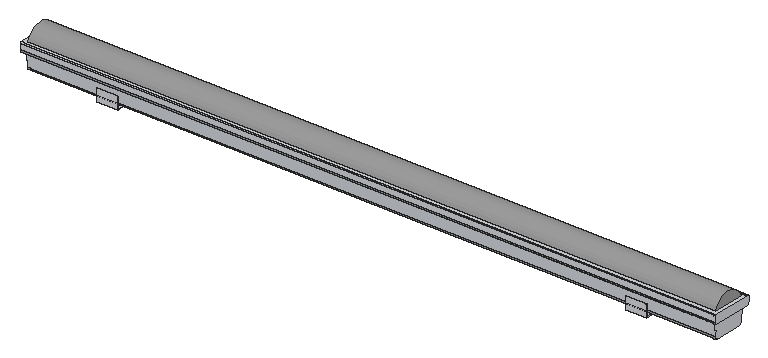
Revit family "0010273", category Lighting Fixtures, host Face, Revit 2017
Family settings
  Host = Face
  Round Connector Dimension = Use Diameter
  Part Type = Normal
  OmniClass Number = 23.80.70.00
  OmniClass Title = Lighting
  Cut with Voids When Loaded = No
  Light Source = Yes
  Shared = No
  Room Calculation Point = No
Parameters (values of type "0010273 RESISTO 1500 HE IP66 DALI 4000LM 840")
  Weight = "1.95 kg"
  Wattage Comments = ""
  Wattage = 25 W
  WarrantyStartDate [instance] = "n/a"
  WarrantyGuarantorParts = "n/a"
  WarrantyDurationUnit = "n/a"
  WarrantyDurationParts = "n/a"
  WarrantyDescription = "n/a"
  WIDTH_SYL = 44.5 mm
  built-in parameter 1150110 = 1 (stored number, unit not read)
  Voltage = 0 V
  URL = "http://www.sylvania-lighting.com"
  TypeName = "Resisto 1500 HE IP66 DALI 4000lm 840"
  Type Image = <None>
  Type Comments = "n/a"
  built-in parameter 1114217 = 1 (stored number, unit not read)
  Tilt Angle = -90.00°
  built-in parameter 1150109 = 1 (stored number, unit not read)
  built-in parameter 1150134 = 12
  TOP_WIDTH_SYL = 33.5 mm
  built-in parameter 1150113 = 1 (stored number, unit not read)
  SerialNumber [instance] = "n/a"
  Photometric Web File = "0010273.ies"
  Material_3_SYL = none
  PowerFactor = 0.98
  PowerConsumption = "25 W"
  NominalLength = 1500 mm
  NominalHeight = 80 mm
  NominalDepth = 87 mm
  Name = "Resisto 1500 HE IP66 DALI 4000lm 840"
  ModelReference = Name  # "Resisto 1500 HE IP66 DALI 4000lm 840"
  ModelNumber = "0010273"
  Model = Name  # "Resisto 1500 HE IP66 DALI 4000lm 840"
  Material = "pc polycarbonate housing, pc polycarbonate diffuser"
  ManufacturerName = "Feilo Sylvania"
  Manufacturer = "Feilo Sylvania"
  MID_WIDTH_SYL = 36 mm
  LuminousEfficacy = "160 lm/W"
  built-in parameter 1150105 = 1286.3 (stored number, unit not read)
  Lumens = 4000 lm
  LuminaireType = ""
  built-in parameter 1150115 = 1 (stored number, unit not read)
  LightOutputRatio = "n/a"
  built-in parameter 1150137 = (empty or 0)
  built-in parameter 1150139 = (empty or 0)
  LampsType = Lamp  # "LED"
  LampNominalLuminous = "4000 lm"
  LampMacAdamStep = "3"
  LampColourTemperature = "4000 K"
  LampColourRenderingIndex = "80"
  built-in parameter 1150112 = 1 (stored number, unit not read)
  built-in parameter 1150114 = 1 (stored number, unit not read)
  Lamp = "LED"
  LENGHT_SYL = if(L1500_SYL, 742 mm, if(L1200_SYL, 592 mm, 317 mm))  # 742 mm
  LENGHT_CHAMFER_SYL = if(L1500_SYL, 750 mm, if(L1200_SYL, 600 mm, 325 mm))  # 750 mm
  LENGHT_650_SYL = 325 mm
  LENGHT-_SYL = if(L1500_SYL, -742 mm, if(L1200_SYL, -592 mm, -317 mm))  # -742 mm
  LENGHT-_CHAMFER_SYL = if(L1500_SYL, -750 mm, if(L1200_SYL, -600 mm, -325 mm))  # -750 mm
  LEGHT_650-_SYL = -325 mm
  LEGHT_1500_SYL = 750 mm
  LEGHT_1500-_SYL = -750 mm
  LEGHT_1200_SYL = 600 mm
  LEGHT_1200-_SYL = -600 mm
  L0650_SYL = no
  L1500_SYL = yes
  L1200_SYL = no
  Keynote = "16500"
  InstallationDate [instance] = "n/a"
  InputVoltage = "n/a"
  InputNominalFrequency = "n/a"
  built-in parameter 1150132 = (empty or 0)
  built-in parameter 1150102 = (empty or 0)
  built-in parameter 1150107 = 4000 (stored number, unit not read)
  built-in parameter 1150138 = (empty or 0)
  IngressProtection = "IP66"
  ImpactProtectionIndex = "IK08"
  built-in parameter 1150106 = 12.863 (stored number, unit not read)
  IfcExportType = "IfcLightFixtureType"
  IfcExportAs = "IfcLightFixtureType"
  Emit from Circle Diameter = 609.6 mm
  Emit Shape Visible in Rendering = no
  ElectricShockClassification = "Class I"
  built-in parameter 1150104 = 14.864 (stored number, unit not read)
  DocumentationLiterature = "http://www.sylvania-lighting.com/product/en-int/products/0010273"
  DimmingControlOptions = "n/a"
  Material_2_SYL = none
  Dimming Lamp Color Temperature Shift = <None>
  Description = "Resisto, integrated LED weatherproof luminaire, with UV stabilized flat diffuser designed to achieve uniform lit appearance, optimise light output and to reduce glare. 301 stainless steel diffuser clips and fixing brackets for surface mounting. Polycarbonate housing and diffuser - no yellow discolouration over time. 4000lm; 25W; 160lm/W; 4000K; SDCM<3; DALI dimmable; CRI80; IP66; IK08; Class I; 69,000hrs (L80B20) lifespan; 1500mm x 89mm x 88mm; D-mark."
  Default Elevation = 1219.2 mm
  DIF_WIDHT_SYL = 35 mm
  DIF_HEIGHT_SYL = 24 mm
  CreatedOn = "3/10/2021"
  CreatedBy = "@sylvania-lighting.com"
  Cost = 0
  Color Filter = 16777215
  built-in parameter 1114216 [instance] = (empty or 0)
  ClassificationValue = "EF_70_80"
  ClassificationName = "Uniclass2015"
  Material_1_SYL = Default
  CHAMFER_SYL = 19 mm
  BarCode [instance] = "n/a"
  built-in parameter 1114218 = 1 (stored number, unit not read)
  BRACKET_WIDTH_SYL = BRACKET_DIST_SYL - 44 mm  # 550 mm
  BRACKET_HEIGHT_SYL = 9 mm
  BRACKET_DIST_SYL = LENGHT_CHAMFER_SYL - 156 mm  # 594 mm
  BODY_SYL = 36 mm
  built-in parameter 1150133 = 10 (stored number, unit not read)
  AssetType = "Fixed"
  AssetIdentifier [instance] = "n/a"
  Assembly Code = "D5020200"
  Apparent Load = 25 VA
  Material_4_SYL = none
Reference planes
  plane 1 "Center (Front/Back)": y = 0
  plane 2: z = 0
  plane 3 "Center (Left/Right)": x = 0
  plane 4: z = 9
  plane 5: z = 45
  plane 6: z = 64
  plane 7: z = 88
  plane 8: y = -44.5
  plane 9: y = 44.5
  plane 10: y = -35
  plane 11: y = 35
  plane 12: y = 33.5
  plane 13: y = -33.5
  plane 14: y = -36
  plane 15: y = 36
  plane 16: z = 1
Forms (mm)
  Extrusion 1, solid
    sketch origin (319, 1524, 1219.2) x (0, 1, 0) y (0, 0, 1)
      loop
        line (-1552.835, -1210.2) -> (-1495.165, -1210.2)
        arc (-1495.165, -1210.2) -> (-1491.754, -1208.856) -> (-1490.177, -1205.546) r 5
        line (-1490.177, -1205.546) -> (-1488.323, -1178.854) -> (-1488, -1174.2) -> (-1560, -1174.2) -> (-1559.677, -1178.854) -> (-1557.823, -1205.546)
        arc (-1557.823, -1205.546) -> (-1556.246, -1208.856) -> (-1552.835, -1210.2) r 5
    from -742 <- "LENGHT-_SYL" to 742 <- "LENGHT_SYL"
  Extrusion 2, solid, material "Default" <- "Material_1_SYL"
    sketch origin (319, 1524, 1219.2) x (0, 1, 0) y (0, 0, 1)
      loop
        arc (-1490.5, -1155.2) -> (-1524, -1131.2) -> (-1557.5, -1155.2) r 35.38
        line (-1557.5, -1155.2) -> (-1490.5, -1155.2)
    from -742 <- "LENGHT-_SYL" to 742 <- "LENGHT_SYL"
  Extrusion 3, solid
    sketch origin (319, 1524, 1219.2) x (0, 1, 0) y (0, 0, 1)
      loop
        line (-1481.5, -1155.2) -> (-1566.5, -1155.2)
        arc (-1566.5, -1155.2) -> (-1567.914, -1155.786) -> (-1568.5, -1157.2) r 2
        line (-1568.5, -1157.2) -> (-1568.5, -1169.2)
        arc (-1568.5, -1169.2) -> (-1567.036, -1172.736) -> (-1563.5, -1174.2) r 5
        line (-1563.5, -1174.2) -> (-1484.5, -1174.2)
        arc (-1484.5, -1174.2) -> (-1480.964, -1172.736) -> (-1479.5, -1169.2) r 5
        line (-1479.5, -1169.2) -> (-1479.5, -1157.2)
        arc (-1479.5, -1157.2) -> (-1480.086, -1155.786) -> (-1481.5, -1155.2) r 2
    from -750 <- "LENGHT-_CHAMFER_SYL" to 750 <- "LENGHT_CHAMFER_SYL"
  Extrusion 4, solid
    sketch origin (319, 1524, 1219.2) x (0, 1, 0) y (0, 0, 1)
      loop
        line (-1489, -1219.2) -> (-1489, -1192.216) -> (-1490.5, -1192.216) -> (-1490.5, -1218.2) -> (-1557.5, -1218.2) -> (-1557.5, -1192.172) -> (-1559, -1192.172) -> (-1559, -1219.2) -> (-1489, -1219.2)
    from 550 <- "BRACKET_WIDTH_SYL" to 594 <- "BRACKET_DIST_SYL"
  Extrusion 5, solid
    sketch origin (321, 1524, 1219.2) x (0, 1, 0) y (0, 0, -1)
      loop
        line (-1489, 1219.2) -> (-1559, 1219.2) -> (-1559, 1192.172) -> (-1557.5, 1192.172) -> (-1557.5, 1218.2) -> (-1490.5, 1218.2) -> (-1490.5, 1192.216) -> (-1489, 1192.216) -> (-1489, 1219.2)
    from 550 <- "BRACKET_WIDTH_SYL" to 594 <- "BRACKET_DIST_SYL"
Dimensions and locks
  "BRACKET_HEIGHT_SYL": plane 4 to host face
  "BODY_SYL": plane 4 to plane 5
  "CHAMFER_SYL": plane 5 to plane 6
  "DIF_HEIGHT_SYL": plane 6 to plane 7
  "WIDTH_SYL": plane 9 to plane 1 "Center (Front/Back)" to plane 8
  "DIF_WIDHT_SYL": plane 11 to plane 1 "Center (Front/Back)" to plane 10
  "TOP_WIDTH_SYL": plane 12 to plane 1 "Center (Front/Back)" to plane 13
  "MID_WIDTH_SYL": plane 15 to plane 1 "Center (Front/Back)" to plane 14
  aligned and locked: plane 2 to host face
  aligned and locked: level to host face
  aligned and locked: Extrusion 3 sketch curve to plane 6
  aligned and locked: Extrusion 3 sketch curve to plane 9
  aligned and locked: plane 5 to Extrusion 3 sketch curve
  aligned and locked: plane 8 to Extrusion 3 sketch curve
Automatic sketch dimensions
  host sketch curve to host sketch curve = 2438.4 mm  (x2)
  plane 5 to Extrusion 1 sketch curve = 0 mm
  Extrusion 1 sketch curve to plane 14 = 0 mm
  plane 4 to Extrusion 1 sketch curve = 0 mm
  Extrusion 1 sketch curve to plane 15 = 0 mm
  Extrusion 1 sketch curve to plane 14 = 0.323 mm
  plane 13 to Extrusion 1 sketch curve = 0.323 mm
  Extrusion 1 sketch curve to plane 13 = 4.665 mm
  plane 12 to Extrusion 1 sketch curve = 4.665 mm
  Extrusion 1 sketch curve to plane 12 = 0.323 mm
  plane 15 to Extrusion 1 sketch curve = 0.323 mm
  Extrusion 1 sketch curve to plane 4 = 4.654 mm  (x2)
  plane 5 to Extrusion 1 sketch curve = 4.654 mm  (x2)
  plane 6 to Extrusion 2 sketch curve = 0 mm
  Extrusion 2 sketch curve to plane 13 = 0 mm
  Extrusion 2 sketch curve to plane 1 "Center (Front/Back)" = 0 mm
  Extrusion 2 sketch curve to plane 5 = 7.62 mm
  Extrusion 3 sketch curve to plane 8 = 2 mm
  plane 14 to Extrusion 3 sketch curve = 3.5 mm
  Extrusion 3 sketch curve to plane 15 = 3.5 mm
  plane 6 to Extrusion 3 sketch curve = 2 mm
  Extrusion 4 sketch curve to level = 0 mm
  Extrusion 4 sketch curve to plane 10 = 0 mm
  Extrusion 4 sketch curve to plane 13 = 0 mm
  Extrusion 4 sketch curve to plane 12 = 0 mm
  Extrusion 4 sketch curve to plane 11 = 0 mm
  plane 16 to Extrusion 4 sketch curve = 0 mm
  Extrusion 4 sketch curve to plane 4 = 17.984 mm
  plane 5 to Extrusion 4 sketch curve = 17.972 mm
  Extrusion 5 sketch curve to level = 0 mm
  Extrusion 5 sketch curve to plane 10 = 0 mm
  Extrusion 5 sketch curve to plane 13 = 0 mm
  Extrusion 5 sketch curve to plane 12 = 0 mm
  Extrusion 5 sketch curve to plane 11 = 0 mm
  plane 16 to Extrusion 5 sketch curve = 0 mm
  Extrusion 5 sketch curve to plane 4 = 17.984 mm
  plane 5 to Extrusion 5 sketch curve = 17.972 mm
Connectors
  electrical at (-423, 0, 27)
    settings: on Extrusion 1, index 1, voltage 0 V, apparent load 0 VA, apparent load phase1 0 VA, apparent load phase2 0 VA, apparent load phase3 0 VA, power factor 1, load classification "Other", number of poles 1, system type 31, power factor state 1, is connector primary yes, connector utility no, sub classification motor no, connector description ""
Types (60, lengths in mm): name | Weight | Wattage | TypeName | built-in parameter 1150134 | Photometric Web File | PowerFactor | PowerConsumption | NominalLength | Name | ModelReference | ModelNumber | Model | LuminousEfficacy | built-in parameter 1150105 | Lumens | LampNominalLuminous | LampMacAdamStep | LampColourTemperature | LENGHT_SYL | LENGHT_CHAMFER_SYL | LENGHT-_SYL | LENGHT-_CHAMFER_SYL | L0650_SYL | L1500_SYL | L1200_SYL | built-in parameter 1150107 | built-in parameter 1150106 | built-in parameter 1150104 | DocumentationLiterature | Description | BRACKET_WIDTH_SYL | BRACKET_DIST_SYL | Apparent Load
  0010278 RESISTO 1500 HE IP66 8300LM 840 | "1.95 kg" | 54 W | "Resisto 1500 HE IP66 8300lm 840" | 12 | "0010278.ies" | 0.95 | "54 W" | 1500 | "Resisto 1500 HE IP66 8300lm 840" | "Resisto 1500 HE IP66 8300lm 840" | "0010278" | "Resisto 1500 HE IP66 8300lm 840" | "154 lm/W" | 2674.3 (stored number, unit not read) | 8316 lm | "8300 lm" | "3" | "4000 K" | 742 | 750 | -742 | -750 | no | yes | no | 4000 (stored number, unit not read) | 26.743 (stored number, unit not read) | 14.307 (stored number, unit not read) | "http://www.sylvania-lighting.com/product/en-int/products/0010278" | "Resisto, integrated LED weatherproof luminaire, with UV stabilized flat diffuser designed to achieve uniform lit appearance, optimise light output and to reduce glare. 301 stainless steel diffuser clips and fixing brackets for surface mounting. Polycarbonate housing and diffuser - no yellow discolouration over time. 8300lm; 54W; 154lm/W; 4000K; SDCM<3; non dimmable; CRI80; IP66; IK08; Class I; 69,000hrs (L80B20) lifespan; 1500mm x 89mm x 88mm; D-mark." | 550 | 594 | 54 VA
  0010274 RESISTO 1500 HE IP66 DALI 7100LM 840 | "2.01 kg" | 46 W | "Resisto 1500 HE IP66 DALI 7100lm 840" | 12 | "0010274.ies" | 0.98 | "46 W" | 1500 | "Resisto 1500 HE IP66 DALI 7100lm 840" | "Resisto 1500 HE IP66 DALI 7100lm 840" | "0010274" | "Resisto 1500 HE IP66 DALI 7100lm 840" | "154 lm/W" | 2362.2 (stored number, unit not read) | 7084 lm | "7100 lm" | "3" | "4000 K" | 742 | 750 | -742 | -750 | no | yes | no | 4000 (stored number, unit not read) | 23.622 (stored number, unit not read) | 14.307 (stored number, unit not read) | "http://www.sylvania-lighting.com/product/en-int/products/0010274" | "Resisto, integrated LED weatherproof luminaire, with UV stabilized flat diffuser designed to achieve uniform lit appearance, optimise light output and to reduce glare. 301 stainless steel diffuser clips and fixing brackets for surface mounting. Polycarbonate housing and diffuser - no yellow discolouration over time. 7100lm; 46W; 154lm/W; 4000K; SDCM<3; DALI dimmable; CRI80; IP66; IK08; Class I; 69,000hrs (L80B20) lifespan; 1500mm x 89mm x 88mm; D-mark." | 550 | 594 | 46 VA
  0010273 RESISTO 1500 HE IP66 DALI 4000LM 840 | "1.95 kg" | 25 W | "Resisto 1500 HE IP66 DALI 4000lm 840" | 12 | "0010273.ies" | 0.98 | "25 W" | 1500 | "Resisto 1500 HE IP66 DALI 4000lm 840" | "Resisto 1500 HE IP66 DALI 4000lm 840" | "0010273" | "Resisto 1500 HE IP66 DALI 4000lm 840" | "160 lm/W" | 1286.3 (stored number, unit not read) | 4000 lm | "4000 lm" | "3" | "4000 K" | 742 | 750 | -742 | -750 | no | yes | no | 4000 (stored number, unit not read) | 12.863 (stored number, unit not read) | 14.864 (stored number, unit not read) | "http://www.sylvania-lighting.com/product/en-int/products/0010273" | "Resisto, integrated LED weatherproof luminaire, with UV stabilized flat diffuser designed to achieve uniform lit appearance, optimise light output and to reduce glare. 301 stainless steel diffuser clips and fixing brackets for surface mounting. Polycarbonate housing and diffuser - no yellow discolouration over time. 4000lm; 25W; 160lm/W; 4000K; SDCM<3; DALI dimmable; CRI80; IP66; IK08; Class I; 69,000hrs (L80B20) lifespan; 1500mm x 89mm x 88mm; D-mark." | 550 | 594 | 25 VA
  0010272 RESISTO 1500 HE IP66 7100LM 840 EM | "2.58 kg" | 50 W | "Resisto 1500 HE IP66 7100lm 840 EM" | 12 | "0010272.ies" | 0.95 | "50 W" | 1500 | "Resisto 1500 HE IP66 7100lm 840 EM" | "Resisto 1500 HE IP66 7100lm 840 EM" | "0010272" | "Resisto 1500 HE IP66 7100lm 840 EM" | "142 lm/W" | 2367.5 (stored number, unit not read) | 7100 lm | "7100 lm" | "3" | "4000 K" | 742 | 750 | -742 | -750 | no | yes | no | 4000 (stored number, unit not read) | 23.675 (stored number, unit not read) | 13.192 (stored number, unit not read) | "http://www.sylvania-lighting.com/product/en-int/products/0010272" | "Resisto, integrated LED weatherproof luminaire, with UV stabilized flat diffuser designed to achieve uniform lit appearance, optimise light output and to reduce glare. 301 stainless steel diffuser clips and fixing brackets for surface mounting. Polycarbonate housing and diffuser - no yellow discolouration over time. 7100lm; 50W; 142lm/W; 4000K; SDCM<3; non dimmable; CRI80; IP66; IK08; Class I; 69,000hrs (L80B20) lifespan; 1500mm x 89mm x 88mm; D-mark; 3-hour maintained emergency batteries." | 550 | 594 | 50 VA
  0010271 RESISTO 1500 HE IP66 4000LM 840 EM | "2.51 kg" | 29 W | "Resisto 1500 HE IP66 4000lm 840 EM" | 12 | "0010271.ies" | 0.95 | "29 W" | 1500 | "Resisto 1500 HE IP66 4000lm 840 EM" | "Resisto 1500 HE IP66 4000lm 840 EM" | "0010271" | "Resisto 1500 HE IP66 4000lm 840 EM" | "138 lm/W" | 1287 (stored number, unit not read) | 4002 lm | "4000 lm" | "3" | "4000 K" | 742 | 750 | -742 | -750 | no | yes | no | 4000 (stored number, unit not read) | 12.87 (stored number, unit not read) | 12.821 (stored number, unit not read) | "http://www.sylvania-lighting.com/product/en-int/products/0010271" | "Resisto, integrated LED weatherproof luminaire, with UV stabilized flat diffuser designed to achieve uniform lit appearance, optimise light output and to reduce glare. 301 stainless steel diffuser clips and fixing brackets for surface mounting. Polycarbonate housing and diffuser - no yellow discolouration over time. 4000lm; 29W; 138lm/W; 4000K; SDCM<3; non dimmable; CRI80; IP66; IK08; Class I; 69,000hrs (L80B20) lifespan; 1500mm x 89mm x 88mm; D-mark; 3-hour maintained emergency batteries." | 550 | 594 | 29 VA
  0010269 RESISTO 1500 HE IP66 7100LM 840 | "1.95 kg" | 46 W | "Resisto  1500 HE IP66 7100lm 840" | 12 | "0010269.ies" | 0.95 | "46 W" | 1500 | "Resisto  1500 HE IP66 7100lm 840" | "Resisto  1500 HE IP66 7100lm 840" | "0010269" | "Resisto  1500 HE IP66 7100lm 840" | "154 lm/W" | 2362.2 (stored number, unit not read) | 7084 lm | "7100 lm" | "3" | "4000 K" | 742 | 750 | -742 | -750 | no | yes | no | 4000 (stored number, unit not read) | 23.622 (stored number, unit not read) | 14.307 (stored number, unit not read) | "http://www.sylvania-lighting.com/product/en-int/products/0010269" | "Resisto, integrated LED weatherproof luminaire, with UV stabilized flat diffuser designed to achieve uniform lit appearance, optimise light output and to reduce glare. 301 stainless steel diffuser clips and fixing brackets for surface mounting. Polycarbonate housing and diffuser - no yellow discolouration over time. 7100lm; 46W; 154lm/W; 4000K; SDCM<3; non dimmable; CRI80; IP66; IK08; Class I; 69,000hrs (L80B20) lifespan; 1500mm x 89mm x 88mm; D-mark." | 550 | 594 | 46 VA
  0010268 RESISTO 1500 HE IP66 4000LM 840 | "1.87 kg" | 25 W | "Resisto  1500 HE IP66 4000lm 840" | 12 | "0010268.ies" | 0.95 | "25 W" | 1500 | "Resisto  1500 HE IP66 4000lm 840" | "Resisto  1500 HE IP66 4000lm 840" | "0010268" | "Resisto  1500 HE IP66 4000lm 840" | "160 lm/W" | 1286.3 (stored number, unit not read) | 4000 lm | "4000 lm" | "3" | "4000 K" | 742 | 750 | -742 | -750 | no | yes | no | 4000 (stored number, unit not read) | 12.863 (stored number, unit not read) | 14.864 (stored number, unit not read) | "http://www.sylvania-lighting.com/product/en-int/products/0010268" | "Resisto, integrated LED weatherproof luminaire, with UV stabilized flat diffuser designed to achieve uniform lit appearance, optimise light output and to reduce glare. 301 stainless steel diffuser clips and fixing brackets for surface mounting. Polycarbonate housing and diffuser - no yellow discolouration over time. 4000lm; 25W; 160lm/W; 4000K; SDCM<3; non dimmable; CRI80; IP66; IK08; Class I; 69,000hrs (L80B20) lifespan; 1500mm x 89mm x 88mm; D-mark." | 550 | 594 | 25 VA
  0010261 RESISTO 1500 IP66 DALI 8300LM 840 | "2.01 kg" | 61 W | "Resisto  1500 IP66 DALI 8300lm 840" | 12 | "0010261.ies" | 0.99 | "61 W" | 1500 | "Resisto  1500 IP66 DALI 8300lm 840" | "Resisto  1500 IP66 DALI 8300lm 840" | "0010261" | "Resisto  1500 IP66 DALI 8300lm 840" | "136 lm/W" | 2792.8 (stored number, unit not read) | 8296 lm | "8300 lm" | "5" | "4000 K" | 742 | 750 | -742 | -750 | no | yes | no | 4000 (stored number, unit not read) | 27.928 (stored number, unit not read) | 12.635 (stored number, unit not read) | "http://www.sylvania-lighting.com/product/en-int/products/0010261" | "Resisto, integrated LED weatherproof luminaire, with UV stabilized flat diffuser designed to achieve uniform lit appearance, optimise light output and to reduce glare. 301 stainless steel diffuser clips and fixing brackets for surface mounting. Polycarbonate housing and diffuser - no yellow discolouration over time. 8300lm; 61W; 136lm/W; 4000K; SDCM<5; DALI dimmable; CRI80; IP66; IK08; Class I; 69,000hrs (L80B20) lifespan; 1500mm x 89mm x 88mm; D-mark." | 550 | 594 | 61 VA
  0010260 RESISTO 1500 IP66 DALI 7100LM 840 | "2.01 kg" | 52 W | "Resisto  1500 IP66 DALI 7100lm 840" | 12 | "0010260.ies" | 0.99 | "52 W" | 1500 | "Resisto  1500 IP66 DALI 7100lm 840" | "Resisto  1500 IP66 DALI 7100lm 840" | "0010260" | "Resisto  1500 IP66 DALI 7100lm 840" | "137 lm/W" | 2375.5 (stored number, unit not read) | 7124 lm | "7100 lm" | "5" | "4000 K" | 742 | 750 | -742 | -750 | no | yes | no | 4000 (stored number, unit not read) | 23.755 (stored number, unit not read) | 12.728 (stored number, unit not read) | "http://www.sylvania-lighting.com/product/en-int/products/0010260" | "Resisto, integrated LED weatherproof luminaire, with UV stabilized flat diffuser designed to achieve uniform lit appearance, optimise light output and to reduce glare. 301 stainless steel diffuser clips and fixing brackets for surface mounting. Polycarbonate housing and diffuser - no yellow discolouration over time. 7100lm; 52W; 137lm/W; 4000K; SDCM<5; DALI dimmable; CRI80; IP66; IK08; Class I; 69,000hrs (L80B20) lifespan; 1500mm x 89mm x 88mm; D-mark." | 550 | 594 | 52 VA
  0010259 RESISTO 1500 IP66 DALI 4000LM 840 | "1.95 kg" | 30 W | "Resisto  1500 IP66 DALI 4000lm 840" | 12 | "0010259.ies" | 0.98 | "30 W" | 1500 | "Resisto  1500 IP66 DALI 4000lm 840" | "Resisto  1500 IP66 DALI 4000lm 840" | "0010259" | "Resisto  1500 IP66 DALI 4000lm 840" | "133 lm/W" | 1283.1 (stored number, unit not read) | 3990 lm | "4000 lm" | "5" | "4000 K" | 742 | 750 | -742 | -750 | no | yes | no | 4000 (stored number, unit not read) | 12.831 (stored number, unit not read) | 12.356 (stored number, unit not read) | "http://www.sylvania-lighting.com/product/en-int/products/0010259" | "Resisto, integrated LED weatherproof luminaire, with UV stabilized flat diffuser designed to achieve uniform lit appearance, optimise light output and to reduce glare. 301 stainless steel diffuser clips and fixing brackets for surface mounting. Polycarbonate housing and diffuser - no yellow discolouration over time. 4000lm; 30W; 133lm/W; 4000K; SDCM<5; DALI dimmable; CRI80; IP66; IK08; Class I; 69,000hrs (L80B20) lifespan; 1500mm x 89mm x 88mm; D-mark." | 550 | 594 | 30 VA
  0010258 RESISTO 1500 IP66 MWCOR 7100LM 840 | "2.06 kg" | 52 W | "Resisto  1500 IP66 MWcor 7100lm 840" | 12 | "0010258.ies" | 0.99 | "52 W" | 1500 | "Resisto  1500 IP66 MWcor 7100lm 840" | "Resisto  1500 IP66 MWcor 7100lm 840" | "0010258" | "Resisto  1500 IP66 MWcor 7100lm 840" | "137 lm/W" | 2375.5 (stored number, unit not read) | 7124 lm | "7100 lm" | "5" | "4000 K" | 742 | 750 | -742 | -750 | no | yes | no | 4000 (stored number, unit not read) | 23.755 (stored number, unit not read) | 12.728 (stored number, unit not read) | "http://www.sylvania-lighting.com/product/en-int/products/0010258" | "Resisto, integrated LED weatherproof luminaire, with UV stabilized flat diffuser designed to achieve uniform lit appearance, optimise light output and to reduce glare. 301 stainless steel diffuser clips and fixing brackets for surface mounting. Polycarbonate housing and diffuser - no yellow discolouration over time. 7100lm; 52W; 137lm/W; 4000K; SDCM<5; non dimmable; CRI80; IP66; IK08; Class I; 69,000hrs (L80B20) lifespan; 1500mm x 89mm x 88mm; D-mark; corridor function with microwave presence sensor." | 550 | 594 | 52 VA
  0010257 RESISTO 1500 IP66 MWCOR 4000LM 840 | "2.0 kg" | 30 W | "Resisto  1500 IP66 MWcor 4000lm 840" | 12 | "0010257.ies" | 0.98 | "30 W" | 1500 | "Resisto  1500 IP66 MWcor 4000lm 840" | "Resisto  1500 IP66 MWcor 4000lm 840" | "0010257" | "Resisto  1500 IP66 MWcor 4000lm 840" | "133 lm/W" | 1283.1 (stored number, unit not read) | 3990 lm | "4000 lm" | "5" | "4000 K" | 742 | 750 | -742 | -750 | no | yes | no | 4000 (stored number, unit not read) | 12.831 (stored number, unit not read) | 12.356 (stored number, unit not read) | "http://www.sylvania-lighting.com/product/en-int/products/0010257" | "Resisto, integrated LED weatherproof luminaire, with UV stabilized flat diffuser designed to achieve uniform lit appearance, optimise light output and to reduce glare. 301 stainless steel diffuser clips and fixing brackets for surface mounting. Polycarbonate housing and diffuser - no yellow discolouration over time. 4000lm; 30W; 133lm/W; 4000K; SDCM<5; non dimmable; CRI80; IP66; IK08; Class I; 69,000hrs (L80B20) lifespan; 1500mm x 89mm x 88mm; D-mark; corridor function with microwave presence sensor." | 550 | 594 | 30 VA
  0010256 RESISTO 1500 IP66 MW 7100LM 840 | "2.0 kg" | 52 W | "Resisto  1500 IP66 MW 7100lm 840" | 12 | "0010256.ies" | 0.95 | "52 W" | 1500 | "Resisto  1500 IP66 MW 7100lm 840" | "Resisto  1500 IP66 MW 7100lm 840" | "0010256" | "Resisto  1500 IP66 MW 7100lm 840" | "137 lm/W" | 2375.5 (stored number, unit not read) | 7124 lm | "7100 lm" | "5" | "4000 K" | 742 | 750 | -742 | -750 | no | yes | no | 4000 (stored number, unit not read) | 23.755 (stored number, unit not read) | 12.728 (stored number, unit not read) | "http://www.sylvania-lighting.com/product/en-int/products/0010256" | "Resisto, integrated LED weatherproof luminaire, with UV stabilized flat diffuser designed to achieve uniform lit appearance, optimise light output and to reduce glare. 301 stainless steel diffuser clips and fixing brackets for surface mounting. Polycarbonate housing and diffuser - no yellow discolouration over time. 7100lm; 52W; 137lm/W; 4000K; SDCM<5; non dimmable; CRI80; IP66; IK08; Class I; 69,000hrs (L80B20) lifespan; 1500mm x 89mm x 88mm; D-mark; MW On/Off." | 550 | 594 | 52 VA
  0010255 RESISTO 1500 IP66 MW 4000LM 840 | "1.92 kg" | 30 W | "Resisto  1500 IP66 MW 4000lm 840" | 12 | "0010255.ies" | 0.95 | "30 W" | 1500 | "Resisto  1500 IP66 MW 4000lm 840" | "Resisto  1500 IP66 MW 4000lm 840" | "0010255" | "Resisto  1500 IP66 MW 4000lm 840" | "133 lm/W" | 1283.1 (stored number, unit not read) | 3990 lm | "4000 lm" | "5" | "4000 K" | 742 | 750 | -742 | -750 | no | yes | no | 4000 (stored number, unit not read) | 12.831 (stored number, unit not read) | 12.356 (stored number, unit not read) | "http://www.sylvania-lighting.com/product/en-int/products/0010255" | "Resisto, integrated LED weatherproof luminaire, with UV stabilized flat diffuser designed to achieve uniform lit appearance, optimise light output and to reduce glare. 301 stainless steel diffuser clips and fixing brackets for surface mounting. Polycarbonate housing and diffuser - no yellow discolouration over time. 4000lm; 30W; 133lm/W; 4000K; SDCM<5; non dimmable; CRI80; IP66; IK08; Class I; 69,000hrs (L80B20) lifespan; 1500mm x 89mm x 88mm; D-mark; MW On/Off." | 550 | 594 | 30 VA
  0010254 RESISTO 1500 IP66 7100LM 840 EM | "2.59 kg" | 56 W | "Resisto  1500 IP66 7100lm 840 EM" | 12 | "0010254.ies" | 0.95 | "56 W" | 1500 | "Resisto  1500 IP66 7100lm 840 EM" | "Resisto  1500 IP66 7100lm 840 EM" | "0010254" | "Resisto  1500 IP66 7100lm 840 EM" | "127 lm/W" | 2371.5 (stored number, unit not read) | 7112 lm | "7100 lm" | "5" | "4000 K" | 742 | 750 | -742 | -750 | no | yes | no | 4000 (stored number, unit not read) | 23.715 (stored number, unit not read) | 11.799 (stored number, unit not read) | "http://www.sylvania-lighting.com/product/en-int/products/0010254" | "Resisto, integrated LED weatherproof luminaire, with UV stabilized flat diffuser designed to achieve uniform lit appearance, optimise light output and to reduce glare. 301 stainless steel diffuser clips and fixing brackets for surface mounting. Polycarbonate housing and diffuser - no yellow discolouration over time. 7100lm; 56W; 127lm/W; 4000K; SDCM<5; non dimmable; CRI80; IP66; IK08; Class I; 69,000hrs (L80B20) lifespan; 1500mm x 89mm x 88mm; D-mark; 3-hour maintained emergency batteries." | 550 | 594 | 56 VA
  0010253 RESISTO 1500 IP66 4000LM 840 EM | "2.5 kg" | 34 W | "Resisto  1500 IP66 4000lm 840 EM" | 12 | "0010253.ies" | 0.95 | "34 W" | 1500 | "Resisto  1500 IP66 4000lm 840 EM" | "Resisto  1500 IP66 4000lm 840 EM" | "0010253" | "Resisto  1500 IP66 4000lm 840 EM" | "118 lm/W" | 1290.2 (stored number, unit not read) | 4012 lm | "4000 lm" | "5" | "4000 K" | 742 | 750 | -742 | -750 | no | yes | no | 4000 (stored number, unit not read) | 12.902 (stored number, unit not read) | 10.963 (stored number, unit not read) | "http://www.sylvania-lighting.com/product/en-int/products/0010253" | "Resisto, integrated LED weatherproof luminaire, with UV stabilized flat diffuser designed to achieve uniform lit appearance, optimise light output and to reduce glare. 301 stainless steel diffuser clips and fixing brackets for surface mounting. Polycarbonate housing and diffuser - no yellow discolouration over time. 4000lm; 34W; 118lm/W; 4000K; SDCM<5; non dimmable; CRI80; IP66; IK08; Class I; 69,000hrs (L80B20) lifespan; 1500mm x 89mm x 88mm; D-mark; 3-hour maintained emergency batteries." | 550 | 594 | 34 VA
  0010252 RESISTO 1500 IP66 7100LM 840 5XTH | "2.18 kg" | 52 W | "Resisto 1500 IP66 7100lm 840 5xTH" | 12 | "0010252.ies" | 0.95 | "52 W" | 1500 | "Resisto 1500 IP66 7100lm 840 5xTH" | "Resisto 1500 IP66 7100lm 840 5xTH" | "0010252" | "Resisto 1500 IP66 7100lm 840 5xTH" | "137 lm/W" | 2375.5 (stored number, unit not read) | 7124 lm | "7100 lm" | "5" | "4000 K" | 742 | 750 | -742 | -750 | no | yes | no | 4000 (stored number, unit not read) | 23.755 (stored number, unit not read) | 12.728 (stored number, unit not read) | "http://www.sylvania-lighting.com/product/en-int/products/0010252" | "Resisto, integrated LED weatherproof luminaire, with UV stabilized flat diffuser designed to achieve uniform lit appearance, optimise light output and to reduce glare. 301 stainless steel diffuser clips and fixing brackets for surface mounting. Polycarbonate housing and diffuser - no yellow discolouration over time. 7100lm; 52W; 137lm/W; 4000K; SDCM<5; non dimmable; CRI80; IP66; IK08; Class I; 69,000hrs (L80B20) lifespan; 1500mm x 89mm x 88mm; D-mark; through wiring." | 550 | 594 | 52 VA
  0010251 RESISTO 1500 IP66 4000LM 840 5XTH | "2.1 kg" | 30 W | "Resisto 1500 IP66 4000lm 840 5xTH" | 12 | "0010251.ies" | 0.95 | "30 W" | 1500 | "Resisto 1500 IP66 4000lm 840 5xTH" | "Resisto 1500 IP66 4000lm 840 5xTH" | "0010251" | "Resisto 1500 IP66 4000lm 840 5xTH" | "133 lm/W" | 1283.1 (stored number, unit not read) | 3990 lm | "4000 lm" | "5" | "4000 K" | 742 | 750 | -742 | -750 | no | yes | no | 4000 (stored number, unit not read) | 12.831 (stored number, unit not read) | 12.356 (stored number, unit not read) | "http://www.sylvania-lighting.com/product/en-int/products/0010251" | "Resisto, integrated LED weatherproof luminaire, with UV stabilized flat diffuser designed to achieve uniform lit appearance, optimise light output and to reduce glare. 301 stainless steel diffuser clips and fixing brackets for surface mounting. Polycarbonate housing and diffuser - no yellow discolouration over time. 4000lm; 30W; 133lm/W; 4000K; SDCM<5; non dimmable; CRI80; IP66; IK08; Class I; 69,000hrs (L80B20) lifespan; 1500mm x 89mm x 88mm; D-mark; through wiring." | 550 | 594 | 30 VA
  0010250 RESISTO 1500 IP66 7100LM 840 QC | "2.02 kg" | 52 W | "Resisto  1500 IP66 7100lm 840 QC" | 12 | "0010250.ies" | 0.95 | "52 W" | 1512 | "Resisto  1500 IP66 7100lm 840 QC" | "Resisto  1500 IP66 7100lm 840 QC" | "0010250" | "Resisto  1500 IP66 7100lm 840 QC" | "137 lm/W" | 2375.5 (stored number, unit not read) | 7124 lm | "7100 lm" | "5" | "4000 K" | 742 | 750 | -742 | -750 | no | yes | no | 4000 (stored number, unit not read) | 23.755 (stored number, unit not read) | 12.728 (stored number, unit not read) | "http://www.sylvania-lighting.com/product/en-int/products/0010250" | "Resisto, integrated LED weatherproof luminaire, with UV stabilized flat diffuser designed to achieve uniform lit appearance, optimise light output and to reduce glare. 301 stainless steel diffuser clips and fixing brackets for surface mounting. Polycarbonate housing and diffuser - no yellow discolouration over time. 7100lm; 52W; 137lm/W; 4000K; SDCM<5; non dimmable; CRI80; IP66; IK08; Class I; 69,000hrs (L80B20) lifespan; 1500mm x 89mm x 88mm; D-mark; assembled with quick connector." | 550 | 594 | 52 VA
  0010249 RESISTO 1500 IP66 4000LM 840 QC | "1.94 kg" | 30 W | "Resisto  1500 IP66 4000lm 840 QC" | 12 | "0010249.ies" | 0.95 | "30 W" | 1512 | "Resisto  1500 IP66 4000lm 840 QC" | "Resisto  1500 IP66 4000lm 840 QC" | "0010249" | "Resisto  1500 IP66 4000lm 840 QC" | "133 lm/W" | 1283.1 (stored number, unit not read) | 3990 lm | "4000 lm" | "5" | "4000 K" | 742 | 750 | -742 | -750 | no | yes | no | 4000 (stored number, unit not read) | 12.831 (stored number, unit not read) | 12.356 (stored number, unit not read) | "http://www.sylvania-lighting.com/product/en-int/products/0010249" | "Resisto, integrated LED weatherproof luminaire, with UV stabilized flat diffuser designed to achieve uniform lit appearance, optimise light output and to reduce glare. 301 stainless steel diffuser clips and fixing brackets for surface mounting. Polycarbonate housing and diffuser - no yellow discolouration over time. 4000lm; 30W; 133lm/W; 4000K; SDCM<5; non dimmable; CRI80; IP66; IK08; Class I; 69,000hrs (L80B20) lifespan; 1500mm x 89mm x 88mm; D-mark; assembled with quick connector." | 550 | 594 | 30 VA
  0010248 RESISTO 1500 IP66 8300LM 865 | "1.95 kg" | 61 W | "Resisto  1500 IP66 8300lm 865" | 1 | "0010248.ies" | 0.95 | "61 W" | 1500 | "Resisto  1500 IP66 8300lm 865" | "Resisto  1500 IP66 8300lm 865" | "0010248" | "Resisto  1500 IP66 8300lm 865" | "136 lm/W" | 2792.8 (stored number, unit not read) | 8296 lm | "8300 lm" | "5" | "6500 K" | 742 | 750 | -742 | -750 | no | yes | no | 6500 (stored number, unit not read) | 27.928 (stored number, unit not read) | 12.635 (stored number, unit not read) | "http://www.sylvania-lighting.com/product/en-int/products/0010248" | "Resisto, integrated LED weatherproof luminaire, with UV stabilized flat diffuser designed to achieve uniform lit appearance, optimise light output and to reduce glare. 301 stainless steel diffuser clips and fixing brackets for surface mounting. Polycarbonate housing and diffuser - no yellow discolouration over time. 8300lm; 61W; 136lm/W; 6500K; SDCM<5; non dimmable; CRI80; IP66; IK08; Class I; 69,000hrs (L80B20) lifespan; 1500mm x 89mm x 88mm; D-mark." | 550 | 594 | 61 VA
  0010247 RESISTO 1500 IP66 7100LM 865 | "1.95 kg" | 52 W | "Resisto  1500 IP66 7100lm 865" | 1 | "0010247.ies" | 0.95 | "52 W" | 1500 | "Resisto  1500 IP66 7100lm 865" | "Resisto  1500 IP66 7100lm 865" | "0010247" | "Resisto  1500 IP66 7100lm 865" | "137 lm/W" | 2375.5 (stored number, unit not read) | 7124 lm | "7100 lm" | "5" | "6500 K" | 742 | 750 | -742 | -750 | no | yes | no | 6500 (stored number, unit not read) | 23.755 (stored number, unit not read) | 12.728 (stored number, unit not read) | "http://www.sylvania-lighting.com/product/en-int/products/0010247" | "Resisto, integrated LED weatherproof luminaire, with UV stabilized flat diffuser designed to achieve uniform lit appearance, optimise light output and to reduce glare. 301 stainless steel diffuser clips and fixing brackets for surface mounting. Polycarbonate housing and diffuser - no yellow discolouration over time. 7100lm; 52W; 137lm/W; 6500K; SDCM<5; non dimmable; CRI80; IP66; IK08; Class I; 69,000hrs (L80B20) lifespan; 1500mm x 89mm x 88mm; D-mark." | 550 | 594 | 52 VA
  0010246 RESISTO 1500 IP66 4000LM 865 | "1.87 kg" | 30 W | "Resisto  1500 IP66 4000lm 865" | 1 | "0010246.ies" | 0.95 | "30 W" | 1500 | "Resisto  1500 IP66 4000lm 865" | "Resisto  1500 IP66 4000lm 865" | "0010246" | "Resisto  1500 IP66 4000lm 865" | "133 lm/W" | 1283.1 (stored number, unit not read) | 3990 lm | "4000 lm" | "5" | "6500 K" | 742 | 750 | -742 | -750 | no | yes | no | 6500 (stored number, unit not read) | 12.831 (stored number, unit not read) | 12.356 (stored number, unit not read) | "http://www.sylvania-lighting.com/product/en-int/products/0010246" | "Resisto, integrated LED weatherproof luminaire, with UV stabilized flat diffuser designed to achieve uniform lit appearance, optimise light output and to reduce glare. 301 stainless steel diffuser clips and fixing brackets for surface mounting. Polycarbonate housing and diffuser - no yellow discolouration over time. 4000lm; 30W; 133lm/W; 6500K; SDCM<5; non dimmable; CRI80; IP66; IK08; Class I; 69,000hrs (L80B20) lifespan; 1500mm x 89mm x 88mm; D-mark." | 550 | 594 | 30 VA
  0010245 RESISTO 1500 IP66 8300LM 840 | "15.48 kg" | 61 W | "Resisto  1500 IP66 8300lm 840" | 12 | "0010245.ies" | 0.95 | "61.0 W" | 1500 | "Resisto  1500 IP66 8300lm 840" | "Resisto  1500 IP66 8300lm 840" | "0010245" | "Resisto  1500 IP66 8300lm 840" | "136 lm/W" | -23179853.6 (stored number, unit not read) | 8296 lm | "8300 lm" | "5" | "4000 K" | 742 | 750 | -742 | -750 | no | yes | no | 4000 (stored number, unit not read) | -231798.5 (stored number, unit not read) | 12.635 (stored number, unit not read) | "http://www.sylvania-lighting.com/product/en-int/products/0010245" | "Resisto, integrated LED weatherproof luminaire, with UV stabilized flat diffuser designed to achieve uniform lit appearance, optimise light output and to reduce glare. 301 stainless steel diffuser clips and fixing brackets for surface mounting. Polycarbonate housing and diffuser - no yellow discolouration over time. 8300lm; 61W; 136lm/W; 4000K; SDCM<5; non dimmable; CRI80; IP66; IK08; Class I; 69,000hrs (L80B20) lifespan; 1500mm x 89mm x 88mm; D-mark." | 550 | 594 | 61 VA
  0010244 RESISTO 1500 IP66 7100LM 840 | "15.48 kg" | 52 W | "Resisto  1500 IP66 7100lm 840" | 12 | "0010244.ies" | 0.95 | "52.0 W" | 1500 | "Resisto  1500 IP66 7100lm 840" | "Resisto  1500 IP66 7100lm 840" | "0010244" | "Resisto  1500 IP66 7100lm 840" | "137 lm/W" | -16865856.3 (stored number, unit not read) | 7124 lm | "7100 lm" | "5" | "4000 K" | 742 | 750 | -742 | -750 | no | yes | no | 4000 (stored number, unit not read) | -168658.6 (stored number, unit not read) | 12.728 (stored number, unit not read) | "http://www.sylvania-lighting.com/product/en-int/products/0010244" | "Resisto, integrated LED weatherproof luminaire, with UV stabilized flat diffuser designed to achieve uniform lit appearance, optimise light output and to reduce glare. 301 stainless steel diffuser clips and fixing brackets for surface mounting. Polycarbonate housing and diffuser - no yellow discolouration over time. 7100lm; 52W; 137lm/W; 4000K; SDCM<5; non dimmable; CRI80; IP66; IK08; Class I; 69,000hrs (L80B20) lifespan; 1500mm x 89mm x 88mm; D-mark." | 550 | 594 | 52 VA
  0010243 RESISTO 1500 IP66 4000LM 840 | "1.87 kg" | 30 W | "Resisto  1500 IP66 4000lm 840" | 12 | "0010243.ies" | 0.95 | "30 W" | 1500 | "Resisto  1500 IP66 4000lm 840" | "Resisto  1500 IP66 4000lm 840" | "0010243" | "Resisto  1500 IP66 4000lm 840" | "133 lm/W" | 1283.1 (stored number, unit not read) | 3990 lm | "4000 lm" | "5" | "4000 K" | 742 | 750 | -742 | -750 | no | yes | no | 4000 (stored number, unit not read) | 12.831 (stored number, unit not read) | 12.356 (stored number, unit not read) | "http://www.sylvania-lighting.com/product/en-int/products/0010243" | "Resisto, integrated LED weatherproof luminaire, with UV stabilized flat diffuser designed to achieve uniform lit appearance, optimise light output and to reduce glare. 301 stainless steel diffuser clips and fixing brackets for surface mounting. Polycarbonate housing and diffuser - no yellow discolouration over time. 4000lm; 30W; 133lm/W; 4000K; SDCM<5; non dimmable; CRI80; IP66; IK08; Class I; 69,000hrs (L80B20) lifespan; 1500mm x 89mm x 88mm; D-mark." | 550 | 594 | 30 VA
  0010242 RESISTO 1500 IP66 8300LM 830 | "1.95 kg" | 61 W | "Resisto  1500 IP66 8300lm 830" | (empty or 0) | "0010242.ies" | 0.95 | "61 W" | 1500 | "Resisto  1500 IP66 8300lm 830" | "Resisto  1500 IP66 8300lm 830" | "0010242" | "Resisto  1500 IP66 8300lm 830" | "136 lm/W" | 2792.8 (stored number, unit not read) | 8296 lm | "8300 lm" | "5" | "3000 K" | 742 | 750 | -742 | -750 | no | yes | no | 3000 (stored number, unit not read) | 27.928 (stored number, unit not read) | 12.635 (stored number, unit not read) | "http://www.sylvania-lighting.com/product/en-int/products/0010242" | "Resisto, integrated LED weatherproof luminaire, with UV stabilized flat diffuser designed to achieve uniform lit appearance, optimise light output and to reduce glare. 301 stainless steel diffuser clips and fixing brackets for surface mounting. Polycarbonate housing and diffuser - no yellow discolouration over time. 8300lm; 61W; 136lm/W; 3000K; SDCM<5; non dimmable; CRI80; IP66; IK08; Class I; 69,000hrs (L80B20) lifespan; 1500mm x 89mm x 88mm; D-mark." | 550 | 594 | 61 VA
  0010241 RESISTO 1500 IP66 7100LM 830 | "1.95 kg" | 52 W | "Resisto  1500 IP66 7100lm 830" | (empty or 0) | "0010241.ies" | 0.95 | "52 W" | 1500 | "Resisto  1500 IP66 7100lm 830" | "Resisto  1500 IP66 7100lm 830" | "0010241" | "Resisto  1500 IP66 7100lm 830" | "137 lm/W" | 2375.5 (stored number, unit not read) | 7124 lm | "7100 lm" | "5" | "3000 K" | 742 | 750 | -742 | -750 | no | yes | no | 3000 (stored number, unit not read) | 23.755 (stored number, unit not read) | 12.728 (stored number, unit not read) | "http://www.sylvania-lighting.com/product/en-int/products/0010241" | "Resisto, integrated LED weatherproof luminaire, with UV stabilized flat diffuser designed to achieve uniform lit appearance, optimise light output and to reduce glare. 301 stainless steel diffuser clips and fixing brackets for surface mounting. Polycarbonate housing and diffuser - no yellow discolouration over time. 7100lm; 52W; 137lm/W; 3000K; SDCM<5; non dimmable; CRI80; IP66; IK08; Class I; 69,000hrs (L80B20) lifespan; 1500mm x 89mm x 88mm; D-mark." | 550 | 594 | 52 VA
  0010240 RESISTO 1500 IP66 4000LM 830 | "1.87 kg" | 30 W | "Resisto  1500 IP66 4000lm 830" | (empty or 0) | "0010240.ies" | 0.95 | "30 W" | 1500 | "Resisto  1500 IP66 4000lm 830" | "Resisto  1500 IP66 4000lm 830" | "0010240" | "Resisto  1500 IP66 4000lm 830" | "133 lm/W" | 1283.1 (stored number, unit not read) | 3990 lm | "4000 lm" | "5" | "3000 K" | 742 | 750 | -742 | -750 | no | yes | no | 3000 (stored number, unit not read) | 12.831 (stored number, unit not read) | 12.356 (stored number, unit not read) | "http://www.sylvania-lighting.com/product/en-int/products/0010240" | "Resisto, integrated LED weatherproof luminaire, with UV stabilized flat diffuser designed to achieve uniform lit appearance, optimise light output and to reduce glare. 301 stainless steel diffuser clips and fixing brackets for surface mounting. Polycarbonate housing and diffuser - no yellow discolouration over time. 4000lm; 30W; 133lm/W; 3000K; SDCM<5; non dimmable; CRI80; IP66; IK08; Class I; 69,000hrs (L80B20) lifespan; 1500mm x 89mm x 88mm; D-mark." | 550 | 594 | 30 VA
  0010237 RESISTO 1200 HE IP66 DALI 4800LM 840 | "1.59 kg" | 31 W | "Resisto  1200 HE IP66 DALI 4800lm 840" | 12 | "0010237.ies" | 0.98 | "31 W" | 1200 | "Resisto  1200 HE IP66 DALI 4800lm 840" | "Resisto  1200 HE IP66 DALI 4800lm 840" | "0010237" | "Resisto  1200 HE IP66 DALI 4800lm 840" | "155 lm/W" | 1587 (stored number, unit not read) | 4805 lm | "4800 lm" | "3" | "4000 K" | 592 | 600 | -592 | -600 | no | no | yes | 4000 (stored number, unit not read) | 15.87 (stored number, unit not read) | 14.4 (stored number, unit not read) | "http://www.sylvania-lighting.com/product/en-int/products/0010237" | "Resisto, integrated LED weatherproof luminaire, with UV stabilized flat diffuser designed to achieve uniform lit appearance, optimise light output and to reduce glare. 301 stainless steel diffuser clips and fixing brackets for surface mounting. Polycarbonate housing and diffuser - no yellow discolouration over time. 4800lm; 31W; 155lm/W; 4000K; SDCM<3; DALI dimmable; CRI80; IP66; IK08; Class I; 69,000hrs (L80B20) lifespan; 1200mm x 89mm x 88mm; D-mark." | 400 | 444 | 31 VA
  0010236 RESISTO 1200 HE IP66 DALI 2800LM 840 | "1.51 kg" | 18 W | "Resisto  1200 HE IP66 DALI 2800lm 840" | 12 | "0010236.ies" | 0.98 | "18 W" | 1200 | "Resisto  1200 HE IP66 DALI 2800lm 840" | "Resisto  1200 HE IP66 DALI 2800lm 840" | "0010236" | "Resisto  1200 HE IP66 DALI 2800lm 840" | "156 lm/W" | 922.88 (stored number, unit not read) | 2808 lm | "2800 lm" | "3" | "4000 K" | 592 | 600 | -592 | -600 | no | no | yes | 4000 (stored number, unit not read) | 9.2288 (stored number, unit not read) | 14.493 (stored number, unit not read) | "http://www.sylvania-lighting.com/product/en-int/products/0010236" | "Resisto, integrated LED weatherproof luminaire, with UV stabilized flat diffuser designed to achieve uniform lit appearance, optimise light output and to reduce glare. 301 stainless steel diffuser clips and fixing brackets for surface mounting. Polycarbonate housing and diffuser - no yellow discolouration over time. 2800lm; 18W; 156lm/W; 4000K; SDCM<3; DALI dimmable; CRI80; IP66; IK08; Class I; 69,000hrs (L80B20) lifespan; 1200mm x 89mm x 88mm; D-mark." | 400 | 444 | 18 VA
  0010235 RESISTO 1200 HE IP66 4800LM 840 EM | "2.12 kg" | 35 W | "Resisto  1200 HE IP66 4800lm 840 EM" | 12 | "0010235.ies" | 0.95 | "35 W" | 1200 | "Resisto  1200 HE IP66 4800lm 840 EM" | "Resisto  1200 HE IP66 4800lm 840 EM" | "0010235" | "Resisto  1200 HE IP66 4800lm 840 EM" | "137 lm/W" | 1583.6 (stored number, unit not read) | 4795 lm | "4800 lm" | "3" | "4000 K" | 592 | 600 | -592 | -600 | no | no | yes | 4000 (stored number, unit not read) | 15.836 (stored number, unit not read) | 12.728 (stored number, unit not read) | "http://www.sylvania-lighting.com/product/en-int/products/0010235" | "Resisto, integrated LED weatherproof luminaire, with UV stabilized flat diffuser designed to achieve uniform lit appearance, optimise light output and to reduce glare. 301 stainless steel diffuser clips and fixing brackets for surface mounting. Polycarbonate housing and diffuser - no yellow discolouration over time. 4800lm; 35W; 137lm/W; 4000K; SDCM<3; non dimmable; CRI80; IP66; IK08; Class I; 69,000hrs (L80B20) lifespan; 1200mm x 89mm x 88mm; D-mark; 3-hour maintained emergency batteries." | 400 | 444 | 35 VA
  0010234 RESISTO 1200 HE IP66 2800LM 840 EM | "2.12 kg" | 22 W | "Resisto  1200 HE IP66 2800lm 840 EM" | 12 | "0010234.ies" | 0.95 | "22 W" | 1200 | "Resisto  1200 HE IP66 2800lm 840 EM" | "Resisto  1200 HE IP66 2800lm 840 EM" | "0010234" | "Resisto  1200 HE IP66 2800lm 840 EM" | "127 lm/W" | 918.28 (stored number, unit not read) | 2794 lm | "2800 lm" | "3" | "4000 K" | 592 | 600 | -592 | -600 | no | no | yes | 4000 (stored number, unit not read) | 9.1828 (stored number, unit not read) | 11.799 (stored number, unit not read) | "http://www.sylvania-lighting.com/product/en-int/products/0010234" | "Resisto, integrated LED weatherproof luminaire, with UV stabilized flat diffuser designed to achieve uniform lit appearance, optimise light output and to reduce glare. 301 stainless steel diffuser clips and fixing brackets for surface mounting. Polycarbonate housing and diffuser - no yellow discolouration over time. 2800lm; 22W; 127lm/W; 4000K; SDCM<3; non dimmable; CRI80; IP66; IK08; Class I; 69,000hrs (L80B20) lifespan; 1200mm x 89mm x 88mm; D-mark; 3-hour maintained emergency batteries." | 400 | 444 | 22 VA
  0010233 RESISTO 1200 HE IP66 4800LM 840 | "1.51 kg" | 31 W | "Resisto  1200 HE IP66 4800lm 840" | 12 | "0010233.ies" | 0.95 | "31 W" | 1200 | "Resisto  1200 HE IP66 4800lm 840" | "Resisto  1200 HE IP66 4800lm 840" | "0010233" | "Resisto  1200 HE IP66 4800lm 840" | "155 lm/W" | 1587 (stored number, unit not read) | 4805 lm | "4800 lm" | "3" | "4000 K" | 592 | 600 | -592 | -600 | no | no | yes | 4000 (stored number, unit not read) | 15.87 (stored number, unit not read) | 14.4 (stored number, unit not read) | "http://www.sylvania-lighting.com/product/en-int/products/0010233" | "Resisto, integrated LED weatherproof luminaire, with UV stabilized flat diffuser designed to achieve uniform lit appearance, optimise light output and to reduce glare. 301 stainless steel diffuser clips and fixing brackets for surface mounting. Polycarbonate housing and diffuser - no yellow discolouration over time. 4800lm; 31W; 155lm/W; 4000K; SDCM<3; non dimmable; CRI80; IP66; IK08; Class I; 69,000hrs (L80B20) lifespan; 1200mm x 89mm x 88mm; D-mark." | 400 | 444 | 31 VA
  0010232 RESISTO 1200 HE IP66 2800LM 840 | "1.5 kg" | 18 W | "Resisto  1200 HE IP66 2800lm 840" | 12 | "0010232.ies" | 0.95 | "18 W" | 1200 | "Resisto  1200 HE IP66 2800lm 840" | "Resisto  1200 HE IP66 2800lm 840" | "0010232" | "Resisto  1200 HE IP66 2800lm 840" | "156 lm/W" | 922.88 (stored number, unit not read) | 2808 lm | "2800 lm" | "3" | "4000 K" | 592 | 600 | -592 | -600 | no | no | yes | 4000 (stored number, unit not read) | 9.2288 (stored number, unit not read) | 14.493 (stored number, unit not read) | "http://www.sylvania-lighting.com/product/en-int/products/0010232" | "Resisto, integrated LED weatherproof luminaire, with UV stabilized flat diffuser designed to achieve uniform lit appearance, optimise light output and to reduce glare. 301 stainless steel diffuser clips and fixing brackets for surface mounting. Polycarbonate housing and diffuser - no yellow discolouration over time. 2800lm; 18W; 156lm/W; 4000K; SDCM<3; non dimmable; CRI80; IP66; IK08; Class I; 69,000hrs (L80B20) lifespan; 1200mm x 89mm x 88mm; D-mark." | 400 | 444 | 18 VA
  0010225 RESISTO 1200 IP66 DALI 4800LM 840 | "1.62 kg" | 35 W | "Resisto  1200 IP66 DALI 4800lm 840" | 12 | "0010225.ies" | 0.98 | "35 W" | 1200 | "Resisto  1200 IP66 DALI 4800lm 840" | "Resisto  1200 IP66 DALI 4800lm 840" | "0010225" | "Resisto  1200 IP66 DALI 4800lm 840" | "137 lm/W" | 1583.6 (stored number, unit not read) | 4795 lm | "4800 lm" | "5" | "4000 K" | 592 | 600 | -592 | -600 | no | no | yes | 4000 (stored number, unit not read) | 15.836 (stored number, unit not read) | 12.728 (stored number, unit not read) | "http://www.sylvania-lighting.com/product/en-int/products/0010225" | "Resisto, integrated LED weatherproof luminaire, with UV stabilized flat diffuser designed to achieve uniform lit appearance, optimise light output and to reduce glare. 301 stainless steel diffuser clips and fixing brackets for surface mounting. Polycarbonate housing and diffuser - no yellow discolouration over time. 4800lm; 35W; 137lm/W; 4000K; SDCM<5; DALI dimmable; CRI80; IP66; IK08; Class I; 69,000hrs (L80B20) lifespan; 1200mm x 89mm x 88mm; D-mark." | 400 | 444 | 35 VA
  0010224 RESISTO 1200 IP66 DALI 2800LM 840 | "1.59 kg" | 21 W | "Resisto  1200 IP66 DALI 2800lm 840" | 12 | "0010224.ies" | 0.98 | "21 W" | 1200 | "Resisto  1200 IP66 DALI 2800lm 840" | "Resisto  1200 IP66 DALI 2800lm 840" | "0010224" | "Resisto  1200 IP66 DALI 2800lm 840" | "133 lm/W" | 917.95 (stored number, unit not read) | 2793 lm | "2800 lm" | "5" | "4000 K" | 592 | 600 | -592 | -600 | no | no | yes | 4000 (stored number, unit not read) | 9.1795 (stored number, unit not read) | 12.356 (stored number, unit not read) | "http://www.sylvania-lighting.com/product/en-int/products/0010224" | "Resisto, integrated LED weatherproof luminaire, with UV stabilized flat diffuser designed to achieve uniform lit appearance, optimise light output and to reduce glare. 301 stainless steel diffuser clips and fixing brackets for surface mounting. Polycarbonate housing and diffuser - no yellow discolouration over time. 2800lm; 21W; 133lm/W; 4000K; SDCM<5; DALI dimmable; CRI80; IP66; IK08; Class I; 69,000hrs (L80B20) lifespan; 1200mm x 89mm x 88mm; D-mark." | 400 | 444 | 21 VA
  0010223 RESISTO 1200 IP66 MWCOR 4800LM 840 | "1.72 kg" | 35 W | "Resisto  1200 IP66 MWcor 4800lm 840" | 12 | "0010223.ies" | 0.98 | "35 W" | 1200 | "Resisto  1200 IP66 MWcor 4800lm 840" | "Resisto  1200 IP66 MWcor 4800lm 840" | "0010223" | "Resisto  1200 IP66 MWcor 4800lm 840" | "137 lm/W" | 1583.6 (stored number, unit not read) | 4795 lm | "4800 lm" | "5" | "4000 K" | 592 | 600 | -592 | -600 | no | no | yes | 4000 (stored number, unit not read) | 15.836 (stored number, unit not read) | 12.728 (stored number, unit not read) | "http://www.sylvania-lighting.com/product/en-int/products/0010223" | "Resisto, integrated LED weatherproof luminaire, with UV stabilized flat diffuser designed to achieve uniform lit appearance, optimise light output and to reduce glare. 301 stainless steel diffuser clips and fixing brackets for surface mounting. Polycarbonate housing and diffuser - no yellow discolouration over time. 4800lm; 35W; 137lm/W; 4000K; SDCM<5; non dimmable; CRI80; IP66; IK08; Class I; 69,000hrs (L80B20) lifespan; 1200mm x 89mm x 88mm; D-mark; corridor function with microwave presence sensor." | 400 | 444 | 35 VA
  0010222 RESISTO 1200 IP66 MWCOR 2800LM 840 | "1.64 kg" | 21 W | "Resisto  1200 IP66 MWcor 2800lm 840" | 12 | "0010222.ies" | 0.98 | "21 W" | 1200 | "Resisto  1200 IP66 MWcor 2800lm 840" | "Resisto  1200 IP66 MWcor 2800lm 840" | "0010222" | "Resisto  1200 IP66 MWcor 2800lm 840" | "133 lm/W" | 917.95 (stored number, unit not read) | 2793 lm | "2800 lm" | "5" | "4000 K" | 592 | 600 | -592 | -600 | no | no | yes | 4000 (stored number, unit not read) | 9.1795 (stored number, unit not read) | 12.356 (stored number, unit not read) | "http://www.sylvania-lighting.com/product/en-int/products/0010222" | "Resisto, integrated LED weatherproof luminaire, with UV stabilized flat diffuser designed to achieve uniform lit appearance, optimise light output and to reduce glare. 301 stainless steel diffuser clips and fixing brackets for surface mounting. Polycarbonate housing and diffuser - no yellow discolouration over time. 2800lm; 21W; 133lm/W; 4000K; SDCM<5; non dimmable; CRI80; IP66; IK08; Class I; 69,000hrs (L80B20) lifespan; 1200mm x 89mm x 88mm; D-mark; corridor function with microwave presence sensor." | 400 | 444 | 21 VA
  0010221 RESISTO 1200 IP66 MW 4800LM 840 | "1.59 kg" | 35 W | "Resisto  1200 IP66 MW 4800lm 840" | 12 | "0010221.ies" | 0.95 | "35 W" | 1200 | "Resisto  1200 IP66 MW 4800lm 840" | "Resisto  1200 IP66 MW 4800lm 840" | "0010221" | "Resisto  1200 IP66 MW 4800lm 840" | "137 lm/W" | 1583.6 (stored number, unit not read) | 4795 lm | "4800 lm" | "5" | "4000 K" | 592 | 600 | -592 | -600 | no | no | yes | 4000 (stored number, unit not read) | 15.836 (stored number, unit not read) | 12.728 (stored number, unit not read) | "http://www.sylvania-lighting.com/product/en-int/products/0010221" | "Resisto, integrated LED weatherproof luminaire, with UV stabilized flat diffuser designed to achieve uniform lit appearance, optimise light output and to reduce glare. 301 stainless steel diffuser clips and fixing brackets for surface mounting. Polycarbonate housing and diffuser - no yellow discolouration over time. 4800lm; 35W; 137lm/W; 4000K; SDCM<5; non dimmable; CRI80; IP66; IK08; Class I; 69,000hrs (L80B20) lifespan; 1200mm x 89mm x 88mm; D-mark; MW On/Off." | 400 | 444 | 35 VA
  0010220 RESISTO 1200 IP66 MW 2800LM 840 | "1.55 kg" | 21 W | "Resisto  1200 IP66 MW 2800lm 840" | 12 | "0010220.ies" | 0.95 | "21 W" | 1200 | "Resisto  1200 IP66 MW 2800lm 840" | "Resisto  1200 IP66 MW 2800lm 840" | "0010220" | "Resisto  1200 IP66 MW 2800lm 840" | "133 lm/W" | 917.95 (stored number, unit not read) | 2793 lm | "2800 lm" | "5" | "4000 K" | 592 | 600 | -592 | -600 | no | no | yes | 4000 (stored number, unit not read) | 9.1795 (stored number, unit not read) | 12.356 (stored number, unit not read) | "http://www.sylvania-lighting.com/product/en-int/products/0010220" | "Resisto, integrated LED weatherproof luminaire, with UV stabilized flat diffuser designed to achieve uniform lit appearance, optimise light output and to reduce glare. 301 stainless steel diffuser clips and fixing brackets for surface mounting. Polycarbonate housing and diffuser - no yellow discolouration over time. 2800lm; 21W; 133lm/W; 4000K; SDCM<5; non dimmable; CRI80; IP66; IK08; Class I; 69,000hrs (L80B20) lifespan; 1200mm x 89mm x 88mm; D-mark; MW On/Off." | 400 | 444 | 21 VA
  0010219 RESISTO 1200 IP66 4800LM 840 EM | "2.16 kg" | 39 W | "Resisto  1200 IP66 4800lm 840 EM" | 12 | "0010219.ies" | 0.95 | "39 W" | 1200 | "Resisto  1200 IP66 4800lm 840 EM" | "Resisto  1200 IP66 4800lm 840 EM" | "0010219" | "Resisto  1200 IP66 4800lm 840 EM" | "123 lm/W" | 1584.3 (stored number, unit not read) | 4797 lm | "4800 lm" | "5" | "4000 K" | 592 | 600 | -592 | -600 | no | no | yes | 4000 (stored number, unit not read) | 15.843 (stored number, unit not read) | 11.427 (stored number, unit not read) | "http://www.sylvania-lighting.com/product/en-int/products/0010219" | "Resisto, integrated LED weatherproof luminaire, with UV stabilized flat diffuser designed to achieve uniform lit appearance, optimise light output and to reduce glare. 301 stainless steel diffuser clips and fixing brackets for surface mounting. Polycarbonate housing and diffuser - no yellow discolouration over time. 4800lm; 39W; 123lm/W; 4000K; SDCM<5; non dimmable; CRI80; IP66; IK08; Class I; 69,000hrs (L80B20) lifespan; 1200mm x 89mm x 88mm; D-mark; 3-hour maintained emergency batteries." | 400 | 444 | 39 VA
  0010218 RESISTO 1200 IP66 2800LM 840 EM | "2.12 kg" | 25 W | "Resisto  1200 IP66 2800lm 840 EM" | 12 | "0010218.ies" | 0.95 | "25 W" | 1200 | "Resisto  1200 IP66 2800lm 840 EM" | "Resisto  1200 IP66 2800lm 840 EM" | "0010218" | "Resisto  1200 IP66 2800lm 840 EM" | "112 lm/W" | 920.25 (stored number, unit not read) | 2800 lm | "2800 lm" | "5" | "4000 K" | 592 | 600 | -592 | -600 | no | no | yes | 4000 (stored number, unit not read) | 9.2025 (stored number, unit not read) | 10.405 (stored number, unit not read) | "http://www.sylvania-lighting.com/product/en-int/products/0010218" | "Resisto, integrated LED weatherproof luminaire, with UV stabilized flat diffuser designed to achieve uniform lit appearance, optimise light output and to reduce glare. 301 stainless steel diffuser clips and fixing brackets for surface mounting. Polycarbonate housing and diffuser - no yellow discolouration over time. 2800lm; 25W; 112lm/W; 4000K; SDCM<5; non dimmable; CRI80; IP66; IK08; Class I; 69,000hrs (L80B20) lifespan; 1200mm x 89mm x 88mm; D-mark; 3-hour maintained emergency batteries." | 400 | 444 | 25 VA
  0010217 RESISTO 1200 IP66 4800LM 840 5XTH | "1.72 kg" | 35 W | "Resisto 1200 IP66 4800lm 840 5xTH" | 12 | "0010217.ies" | 0.95 | "35 W" | 1200 | "Resisto 1200 IP66 4800lm 840 5xTH" | "Resisto 1200 IP66 4800lm 840 5xTH" | "0010217" | "Resisto 1200 IP66 4800lm 840 5xTH" | "137 lm/W" | 1583.6 (stored number, unit not read) | 4795 lm | "4800 lm" | "5" | "4000 K" | 592 | 600 | -592 | -600 | no | no | yes | 4000 (stored number, unit not read) | 15.836 (stored number, unit not read) | 12.728 (stored number, unit not read) | "http://www.sylvania-lighting.com/product/en-int/products/0010217" | "Resisto, integrated LED weatherproof luminaire, with UV stabilized flat diffuser designed to achieve uniform lit appearance, optimise light output and to reduce glare. 301 stainless steel diffuser clips and fixing brackets for surface mounting. Polycarbonate housing and diffuser - no yellow discolouration over time. 4800lm; 35W; 137lm/W; 4000K; SDCM<5; non dimmable; CRI80; IP66; IK08; Class I; 69,000hrs (L80B20) lifespan; 1200mm x 89mm x 88mm; D-mark; through wiring." | 400 | 444 | 35 VA
  0010216 RESISTO 1200 IP66 2800LM 840 5XTH | "1.68 kg" | 21 W | "Resisto 1200 IP66 2800lm 840 5xTH" | 12 | "0010216.ies" | 0.95 | "21 W" | 1200 | "Resisto 1200 IP66 2800lm 840 5xTH" | "Resisto 1200 IP66 2800lm 840 5xTH" | "0010216" | "Resisto 1200 IP66 2800lm 840 5xTH" | "133 lm/W" | 917.95 (stored number, unit not read) | 2793 lm | "2800 lm" | "5" | "4000 K" | 592 | 600 | -592 | -600 | no | no | yes | 4000 (stored number, unit not read) | 9.1795 (stored number, unit not read) | 12.356 (stored number, unit not read) | "http://www.sylvania-lighting.com/product/en-int/products/0010216" | "Resisto, integrated LED weatherproof luminaire, with UV stabilized flat diffuser designed to achieve uniform lit appearance, optimise light output and to reduce glare. 301 stainless steel diffuser clips and fixing brackets for surface mounting. Polycarbonate housing and diffuser - no yellow discolouration over time. 2800lm; 21W; 133lm/W; 4000K; SDCM<5; non dimmable; CRI80; IP66; IK08; Class I; 69,000hrs (L80B20) lifespan; 1200mm x 89mm x 88mm; D-mark; through wiring." | 400 | 444 | 21 VA
